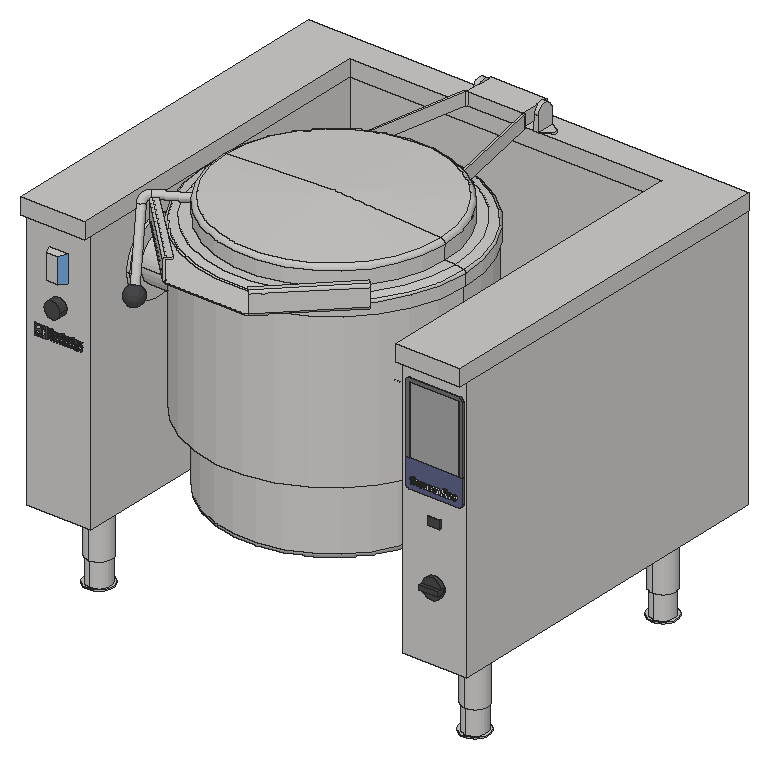
Revit family "QF_ELECTROLUXPROFESSIONAL_587176_PBOT06SCJO", category Attrezzature speciali, Revit 2020 (continued)
Definition of nested family "QF_ELECTROLUXPROFESSIONAL_PBOTS900_LEFT"
  Automatic sketch dimensions
    Extrusion 5 sketch curve to Extrusion 5 sketch curve = 0.102 mm
    Extrusion 5 sketch curve to Extrusion 5 sketch curve = 0.002 mm  (x4)
    Extrusion 5 sketch curve to Extrusion 5 sketch curve = 0.105 mm
    Extrusion 5 sketch curve to Extrusion 5 sketch curve = 0.097 mm
    Extrusion 5 sketch curve to plane 3 "Center (Left/Right)" = 0.241 mm
    Extrusion 5 sketch curve to plane 3 "Center (Left/Right)" = 0.412 mm
    Extrusion 5 sketch curve to plane 3 "Center (Left/Right)" = 2.074 mm
    Extrusion 5 sketch curve to Extrusion 5 sketch curve = 1.777 mm
    Extrusion 5 sketch curve to plane 3 "Center (Left/Right)" = 2.704 mm
    Extrusion 5 sketch curve to Extrusion 5 sketch curve = 1.001 mm
    Extrusion 5 sketch curve to Extrusion 5 sketch curve = 1.393 mm  (x2)
    Extrusion 5 sketch curve to Extrusion 5 sketch curve = 2.363 mm
    Extrusion 5 sketch curve to Extrusion 5 sketch curve = 2.253 mm
    Extrusion 5 sketch curve to Extrusion 5 sketch curve = 0.014 mm  (x4)
    Extrusion 5 sketch curve to Extrusion 5 sketch curve = 0.172 mm
    Extrusion 5 sketch curve to Extrusion 5 sketch curve = 0.096 mm
    Extrusion 5 sketch curve to Extrusion 5 sketch curve = 0.164 mm
    Extrusion 5 sketch curve to Extrusion 5 sketch curve = 0.298 mm
    Extrusion 5 sketch curve to Extrusion 5 sketch curve = 0.247 mm
    Extrusion 5 sketch curve to Extrusion 5 sketch curve = 0.084 mm
    Extrusion 5 sketch curve to Extrusion 5 sketch curve = 6.484 mm
    Extrusion 5 sketch curve to Extrusion 5 sketch curve = 2.596 mm
    Extrusion 5 sketch curve to Extrusion 5 sketch curve = 0.059 mm  (x2)
    Extrusion 5 sketch curve to Extrusion 5 sketch curve = 3.889 mm
    Extrusion 5 sketch curve to Extrusion 5 sketch curve = 6.029 mm
    Extrusion 5 sketch curve to Extrusion 5 sketch curve = 0.929 mm
    Extrusion 5 sketch curve to Extrusion 5 sketch curve = 1.102 mm
    Extrusion 5 sketch curve to Extrusion 5 sketch curve = 0.756 mm  (x2)
    Extrusion 5 sketch curve to Extrusion 5 sketch curve = 0.852 mm
    Extrusion 5 sketch curve to Extrusion 5 sketch curve = 0.108 mm
    Extrusion 5 sketch curve to Extrusion 5 sketch curve = 0.101 mm
    Extrusion 5 sketch curve to Extrusion 5 sketch curve = 0.072 mm
    Extrusion 5 sketch curve to Extrusion 5 sketch curve = 1.67 mm
    Extrusion 5 sketch curve to Extrusion 5 sketch curve = 1.834 mm
    Extrusion 5 sketch curve to Extrusion 5 sketch curve = 0.366 mm
    Extrusion 5 sketch curve to Extrusion 5 sketch curve = 0.993 mm
    Extrusion 5 sketch curve to Extrusion 5 sketch curve = 0.81 mm
    Extrusion 5 sketch curve to Extrusion 5 sketch curve = 1.026 mm  (x2)
    Extrusion 5 sketch curve to Extrusion 5 sketch curve = 4.272 mm
    Extrusion 5 sketch curve to Extrusion 5 sketch curve = 0.163 mm
    Extrusion 5 sketch curve to Extrusion 5 sketch curve = 0.551 mm
    plane 14 to Extrusion 5 sketch curve = 6.023 mm
    Extrusion 5 sketch curve to Extrusion 5 sketch curve = 1.451 mm
    plane 14 to Extrusion 5 sketch curve = 5.28 mm
    Extrusion 5 sketch curve to Extrusion 5 sketch curve = 0.045 mm  (x2)
    Extrusion 5 sketch curve to Extrusion 5 sketch curve = 0.241 mm
    Extrusion 5 sketch curve to Extrusion 5 sketch curve = 0.039 mm
    Extrusion 5 sketch curve to Extrusion 5 sketch curve = 1.134 mm
    Extrusion 5 sketch curve to Extrusion 5 sketch curve = 2.351 mm
    Extrusion 5 sketch curve to plane 14 = 0.874 mm
    Extrusion 5 sketch curve to Extrusion 5 sketch curve = 10.128 mm
    Extrusion 5 sketch curve to Extrusion 5 sketch curve = 0.956 mm
    Extrusion 5 sketch curve to Extrusion 5 sketch curve = 1.263 mm
    Extrusion 5 sketch curve to Extrusion 5 sketch curve = 2.577 mm
    Extrusion 5 sketch curve to Extrusion 5 sketch curve = 0.243 mm
    Extrusion 5 sketch curve to Extrusion 5 sketch curve = 0.031 mm
    Extrusion 5 sketch curve to Extrusion 5 sketch curve = 7.148 mm
    Extrusion 5 sketch curve to Extrusion 5 sketch curve = 1.502 mm
    Extrusion 5 sketch curve to Extrusion 5 sketch curve = 11.54 mm
    Extrusion 5 sketch curve to Extrusion 5 sketch curve = 11.758 mm
    Extrusion 5 sketch curve to Extrusion 5 sketch curve = 4.097 mm
    Extrusion 5 sketch curve to Extrusion 5 sketch curve = 0.011 mm
    Extrusion 5 sketch curve to Extrusion 5 sketch curve = 4.488 mm
    plane 18 "CHW" to Extrusion 5 sketch curve = 191.223 mm
    Extrusion 5 sketch curve to Extrusion 5 sketch curve = 3.444 mm  (x2)
    Extrusion 5 sketch curve to Extrusion 5 sketch curve = 3.777 mm
    Extrusion 5 sketch curve to Extrusion 5 sketch curve = 1.093 mm
    Extrusion 5 sketch curve to Extrusion 5 sketch curve = 1.192 mm
    Extrusion 5 sketch curve to Extrusion 5 sketch curve = 0.319 mm
    Extrusion 5 sketch curve to Extrusion 5 sketch curve = 5.798 mm
    Extrusion 5 sketch curve to Extrusion 5 sketch curve = 2.021 mm
    Extrusion 5 sketch curve to Extrusion 5 sketch curve = 2.357 mm  (x3)
    Extrusion 5 sketch curve to Extrusion 5 sketch curve = 0.892 mm  (x3)
    Extrusion 5 sketch curve to Extrusion 5 sketch curve = 1.018 mm
    Extrusion 5 sketch curve to Extrusion 5 sketch curve = 3.382 mm  (x2)
    Extrusion 5 sketch curve to Extrusion 5 sketch curve = 2.117 mm
    Extrusion 5 sketch curve to Extrusion 5 sketch curve = 0.195 mm  (x2)
    Extrusion 5 sketch curve to Extrusion 5 sketch curve = 0.295 mm  (x2)
    Extrusion 5 sketch curve to Extrusion 5 sketch curve = 0.618 mm
    Extrusion 5 sketch curve to Extrusion 5 sketch curve = 0.385 mm  (x2)
    Extrusion 5 sketch curve to Extrusion 5 sketch curve = 1.626 mm  (x2)
    Extrusion 5 sketch curve to Extrusion 5 sketch curve = 1.65 mm
    Extrusion 5 sketch curve to Extrusion 5 sketch curve = 1.662 mm
    Extrusion 5 sketch curve to Extrusion 5 sketch curve = 0.013 mm  (x2)
    Extrusion 5 sketch curve to Extrusion 5 sketch curve = 0.292 mm
    Extrusion 5 sketch curve to Extrusion 5 sketch curve = 0.107 mm  (x2)
    Extrusion 5 sketch curve to Extrusion 5 sketch curve = 0.068 mm  (x2)
    Extrusion 5 sketch curve to Extrusion 5 sketch curve = 0.968 mm
    Extrusion 5 sketch curve to Extrusion 5 sketch curve = 0.365 mm
    Extrusion 5 sketch curve to Extrusion 5 sketch curve = 2.361 mm
    Extrusion 5 sketch curve to Extrusion 5 sketch curve = 2.359 mm
    Extrusion 5 sketch curve to Extrusion 5 sketch curve = 0.531 mm  (x2)
    Extrusion 5 sketch curve to Extrusion 5 sketch curve = 0.928 mm  (x2)
    Extrusion 5 sketch curve to Extrusion 5 sketch curve = 1.058 mm
    Extrusion 5 sketch curve to Extrusion 5 sketch curve = 0.297 mm  (x2)
    Extrusion 5 sketch curve to Extrusion 5 sketch curve = 0.155 mm  (x2)
    Extrusion 5 sketch curve to Extrusion 5 sketch curve = 1.305 mm
    Extrusion 5 sketch curve to Extrusion 5 sketch curve = 1.037 mm
    Extrusion 5 sketch curve to Extrusion 5 sketch curve = 0.182 mm  (x2)
    Extrusion 5 sketch curve to Extrusion 5 sketch curve = 0.607 mm  (x2)
    Extrusion 5 sketch curve to Extrusion 5 sketch curve = 0.304 mm  (x2)
    Extrusion 5 sketch curve to Extrusion 5 sketch curve = 0.372 mm  (x2)
    Extrusion 5 sketch curve to Extrusion 5 sketch curve = 0.016 mm  (x2)
    Extrusion 5 sketch curve to Extrusion 5 sketch curve = 0.996 mm
    Extrusion 5 sketch curve to Extrusion 5 sketch curve = 0.93 mm
    Extrusion 5 sketch curve to Extrusion 5 sketch curve = 0.709 mm  (x2)
    Extrusion 5 sketch curve to Extrusion 5 sketch curve = 1.752 mm
    Extrusion 5 sketch curve to Extrusion 5 sketch curve = 1.017 mm
    Extrusion 5 sketch curve to Extrusion 5 sketch curve = 4.718 mm
    Extrusion 5 sketch curve to Extrusion 5 sketch curve = 0.891 mm
    Extrusion 5 sketch curve to Extrusion 5 sketch curve = 3.826 mm
    Extrusion 5 sketch curve to Extrusion 5 sketch curve = 1.696 mm
    Extrusion 5 sketch curve to Extrusion 5 sketch curve = 0.954 mm
    Extrusion 5 sketch curve to Extrusion 5 sketch curve = 5.576 mm
    Extrusion 5 sketch curve to Extrusion 5 sketch curve = 5.657 mm  (x2)
    Extrusion 5 sketch curve to Extrusion 5 sketch curve = 5.661 mm  (x2)
    Extrusion 5 sketch curve to Extrusion 5 sketch curve = 0.006 mm
    Extrusion 5 sketch curve to Extrusion 5 sketch curve = 1.499 mm
    Extrusion 5 sketch curve to Extrusion 5 sketch curve = 7.186 mm
    Extrusion 5 sketch curve to Extrusion 5 sketch curve = 2.203 mm
    Extrusion 5 sketch curve to Extrusion 5 sketch curve = 2.21 mm
    Extrusion 5 sketch curve to Extrusion 5 sketch curve = 1.607 mm
    Extrusion 5 sketch curve to Extrusion 5 sketch curve = 3.479 mm
    Extrusion 5 sketch curve to Extrusion 5 sketch curve = 3.92 mm
    Extrusion 5 sketch curve to Extrusion 5 sketch curve = 0.05 mm
    Extrusion 5 sketch curve to Extrusion 5 sketch curve = 1.776 mm
    Extrusion 5 sketch curve to Extrusion 5 sketch curve = 4.017 mm
    Extrusion 5 sketch curve to Extrusion 5 sketch curve = 0.196 mm  (x2)
    Extrusion 5 sketch curve to Extrusion 5 sketch curve = 0.19 mm
    Extrusion 5 sketch curve to Extrusion 5 sketch curve = 1.312 mm
    Extrusion 5 sketch curve to Extrusion 5 sketch curve = 0.146 mm
    Extrusion 5 sketch curve to Extrusion 5 sketch curve = 2.831 mm
    Extrusion 5 sketch curve to Extrusion 5 sketch curve = 0.387 mm
    Extrusion 5 sketch curve to Extrusion 5 sketch curve = 0.174 mm
    Extrusion 5 sketch curve to Extrusion 5 sketch curve = 4.623 mm
    Extrusion 5 sketch curve to Extrusion 5 sketch curve = 1.754 mm
    Extrusion 5 sketch curve to Extrusion 5 sketch curve = 0.188 mm
    Extrusion 5 sketch curve to Extrusion 5 sketch curve = 0.02 mm
    Extrusion 5 sketch curve to Extrusion 5 sketch curve = 0.313 mm
    Extrusion 5 sketch curve to Extrusion 5 sketch curve = 0.12 mm
    Extrusion 5 sketch curve to Extrusion 5 sketch curve = 0.062 mm
    Extrusion 5 sketch curve to Extrusion 5 sketch curve = 0.568 mm
    Extrusion 5 sketch curve to Extrusion 5 sketch curve = 1.763 mm
    Extrusion 5 sketch curve to Extrusion 5 sketch curve = 0.095 mm
    Extrusion 5 sketch curve to Extrusion 5 sketch curve = 1.817 mm
    Extrusion 5 sketch curve to Extrusion 5 sketch curve = 0.357 mm
    Extrusion 5 sketch curve to Extrusion 5 sketch curve = 0.008 mm
    Extrusion 5 sketch curve to Extrusion 5 sketch curve = 0.36 mm
    Extrusion 5 sketch curve to Extrusion 5 sketch curve = 3.784 mm
    Extrusion 5 sketch curve to Extrusion 5 sketch curve = 1.654 mm
    Extrusion 5 sketch curve to Extrusion 5 sketch curve = 1.454 mm
    Extrusion 5 sketch curve to Extrusion 5 sketch curve = 1.705 mm
    Extrusion 5 sketch curve to Extrusion 5 sketch curve = 1.893 mm
    Extrusion 5 sketch curve to Extrusion 5 sketch curve = 3.429 mm
    Extrusion 5 sketch curve to Extrusion 5 sketch curve = 1.094 mm
    Extrusion 5 sketch curve to Extrusion 5 sketch curve = 2.218 mm
    Extrusion 5 sketch curve to Extrusion 5 sketch curve = 1.404 mm
    Extrusion 5 sketch curve to Extrusion 5 sketch curve = 5.763 mm
    Extrusion 5 sketch curve to Extrusion 5 sketch curve = 2.932 mm  (x2)
    Extrusion 5 sketch curve to Extrusion 5 sketch curve = 5.959 mm
    Extrusion 5 sketch curve to Extrusion 5 sketch curve = 1.424 mm
    Extrusion 5 sketch curve to Extrusion 5 sketch curve = 3.23 mm
    Extrusion 5 sketch curve to Extrusion 5 sketch curve = 1.975 mm
    Extrusion 5 sketch curve to Extrusion 5 sketch curve = 3.779 mm
    Extrusion 5 sketch curve to Extrusion 5 sketch curve = 2.212 mm
    Extrusion 5 sketch curve to Extrusion 5 sketch curve = 3.78 mm
    Extrusion 5 sketch curve to Extrusion 5 sketch curve = 1.279 mm
    Extrusion 5 sketch curve to Extrusion 5 sketch curve = 1.343 mm  (x2)
    Extrusion 5 sketch curve to Extrusion 5 sketch curve = 1.353 mm  (x2)
    Extrusion 5 sketch curve to Extrusion 5 sketch curve = 0.027 mm  (x2)
    Extrusion 5 sketch curve to Extrusion 5 sketch curve = 0.395 mm  (x2)
    Extrusion 5 sketch curve to Extrusion 5 sketch curve = 0.329 mm  (x2)
    Extrusion 5 sketch curve to Extrusion 5 sketch curve = 0.425 mm  (x2)
    Extrusion 5 sketch curve to Extrusion 5 sketch curve = 0.051 mm  (x2)
    Extrusion 5 sketch curve to Extrusion 5 sketch curve = 0.495 mm  (x2)
    Extrusion 5 sketch curve to Extrusion 5 sketch curve = 0.267 mm  (x2)
    Extrusion 5 sketch curve to Extrusion 5 sketch curve = 1.4 mm
    Extrusion 5 sketch curve to Extrusion 5 sketch curve = 5.233 mm
    Extrusion 5 sketch curve to Extrusion 5 sketch curve = 2.062 mm
    Extrusion 6 sketch curve to plane 13 "HW_CW" = 0.0 mm  (x2)
    Extrusion 6 sketch curve to plane 15 = 0.0 mm
    Extrusion 6 sketch curve to plane 14 = 0.0 mm
    Extrusion 7 sketch curve to plane 3 "Center (Left/Right)" = 0.0 mm
    Extrusion 7 sketch curve to plane 16 "SteamO" = 0.0 mm
    Extrusion 8 sketch curve to plane 3 "Center (Left/Right)" = 0.0 mm
    Extrusion 8 sketch curve to plane 17 "STEAM" = 0.0 mm
    radius of Extrusion 2 sketch curve = 20.0 mm
    radius of Extrusion 3 sketch curve = 6.35 mm  (x2)
    radius of Extrusion 5 sketch curve = 2.453 mm
    radius of Extrusion 5 sketch curve = 1.557 mm
    radius of Extrusion 5 sketch curve = 1.468 mm
    radius of Extrusion 5 sketch curve = 2.451 mm
    radius of Extrusion 6 sketch curve = 5.0 mm  (x2)
    radius of Extrusion 7 sketch curve = 12.7 mm
    radius of Extrusion 8 sketch curve = 12.7 mm
Definition of nested family "QF_ELECTROLUXPROFESSIONAL_PBOTS900_RIGHT"
  Parameters
    Width = 160.0 mm
    Steam_z = 140.0 mm
    Steam_y = 239.0 mm
    Right = Width / 2  # 80.0 mm
    Default Elevation = 0.0 mm
    Left = -Width / 2  # -80.0 mm
    Htop = 40.0 mm
    Height = 900.0 mm
    HBase = 200.0 mm
    EI_z = 250.0 mm
    EI_y = 312.0 mm
    Depth = 900.0 mm
    BorderFront = 20.0 mm
    Body Finish [instance] = none
  Reference planes
    plane 1 "Center (Front/Back)": y = 0
    plane 2: z = 0
    plane 3 "Center (Left/Right)": x = 0
    plane 4 "LEFT": x = -80
    plane 5 "RIGHT": x = 80
    plane 6 "BACK": y = 450
    plane 7 "FRONT": y = -450
    plane 8 "Base": z = 200
    plane 9 "TOP": z = 900
    plane 10 "BorderFront": y = -430
    plane 11: z = 860
    plane 12 "EI": z = 450
    plane 13: y = 138
    plane 14 "STEAM_y": y = 211
    plane 15 "Steam_z": z = 340
  Forms (mm)
    Extrusion 1, solid
      sketch origin (0, 0, 0) x (1, 0, 0) y (0, 1, 0)
        loop
          line (-80, 450) -> (-80, -430) -> (80, -430) -> (80, 450) -> (-80, 450)
      from 860 to 200
    Extrusion 2, solid
      sketch origin (0, -430, 0) x (-1, 0, 0) y (0, 0, 1)
        loop
          line (59.714, 823.989) -> (-61.821, 823.989)
          arc (-61.821, 823.989) -> (-68.892, 821.06) -> (-71.821, 813.989) r 10
          line (-71.821, 813.989) -> (-71.821, 644.744) -> (-61.821, 644.744) -> (-61.821, 813.989) -> (59.714, 813.989) -> (59.714, 644.744) -> (69.714, 644.744) -> (69.714, 813.989)
          arc (69.714, 813.989) -> (66.786, 821.06) -> (59.714, 823.989) r 10
      from 0 to -3
    Extrusion 3, solid
      sketch origin (0, -430, 0) x (-1, 0, 0) y (0, 0, 1)
        loop
          circle (0, 375.28) r 25
      from 0 to -10
    Extrusion 4, solid
      sketch origin (0, -430, 0) x (-1, 0, 0) y (0, 0, 1)
        loop
          line (24.382, 380.806) -> (-24.382, 380.806)
          arc (-24.382, 380.806) -> (-25, 375.28) -> (-24.382, 369.753) r 25
          line (-24.382, 369.753) -> (24.382, 369.753)
          arc (24.382, 369.753) -> (25, 375.28) -> (24.382, 380.806) r 25
      from 0 to -20
    Extrusion 5, solid
      sketch origin (0, -430, 0) x (-1, 0, 0) y (0, 0, 1)
        loop
          line (69.714, 585) -> (69.714, 644.744) -> (-71.821, 644.744) -> (-71.821, 585)
          arc (-71.821, 585) -> (-68.892, 577.929) -> (-61.821, 575) r 10
          line (-61.821, 575) -> (59.714, 575)
          arc (59.714, 575) -> (66.786, 577.929) -> (69.714, 585) r 10
      from -3 to 0
    Extrusion 6, solid
      sketch origin (234.714, -430, 0) x (-1, 0, 0) y (0, 0, 1)
        loop
          line (294.429, 813.989) -> (172.894, 813.989) -> (172.894, 644.744) -> (294.429, 644.744) -> (294.429, 813.989)
      from 0 to -3
    Extrusion 7, solid
      sketch origin (0, -430, 0) x (-1, 0, 0) y (0, 0, 1)
        loop
          line (15, 530) -> (-15, 530) -> (-15, 510) -> (15, 510) -> (15, 530)
      from -1.6 to 0
    Extrusion 8, solid
      sketch origin (0, 450, 0) x (-1, 0, 0) y (0, 0, 1)
        loop
          circle (0, 450) r 5
      from 0 to 2
    Extrusion 9, solid
      sketch origin (0, 0, 200) x (0, 1, 0) y (-1, 0, 0)
        loop
          circle (138, 0) r 10
      from 0 to -3
    Extrusion 10, solid
      sketch origin (0, 0, 200) x (0, 1, 0) y (-1, 0, 0)
        loop
          circle (211, 0) r 12.7
      from 0 to -3
    Extrusion 11, solid
      sketch origin (0, 450, 0) x (-1, 0, 0) y (0, 0, 1)
        loop
          circle (0, 340) r 12.7
      from 0 to 3
  Lines and regions (mm)
    symbolic lines
      curve 1: line (-80, 450, 0) -> (80, 450, 0)
      curve 2: line (80, 450, 0) -> (80, -430, 0)
  Dimensions and locks
    "Width": plane 4 "LEFT" to plane 5 "RIGHT"
    equal spacing: plane 4 "LEFT", plane 3 "Center (Left/Right)", plane 5 "RIGHT"
    equal spacing: plane 6 "BACK", plane 1 "Center (Front/Back)", plane 7 "FRONT"
    "Depth": plane 6 "BACK" to plane 7 "FRONT"
    "BorderFront": plane 10 "BorderFront" to plane 7 "FRONT"
    "Htop": plane 9 "TOP" to plane 11
    "Height": plane 9 "TOP" to level
    "HBase": plane 8 "Base" to level
    Extrusion 4 sketch curve to Extrusion 4 sketch curve = 11.053 mm
    "EI_y": plane 6 "BACK" to plane 13
    "EI_z": plane 12 "EI" to plane 8 "Base"
    "Steam_y": plane 6 "BACK" to plane 14 "STEAM_y"
    plane 15 "Steam_z" to plane 8 "Base" = 140.0 mm
    aligned and locked: level to plane 2
    aligned and locked: plane 10 "BorderFront" to Extrusion 1 sketch curve
    aligned and locked: plane 11 to Extrusion 1
    aligned and locked: Extrusion 1 to plane 8 "Base"
    aligned and locked: plane 4 "LEFT" to Extrusion 1 sketch curve
    aligned and locked: Extrusion 1 sketch curve to plane 5 "RIGHT"
    aligned and locked: Extrusion 1 sketch curve to plane 6 "BACK"
  Automatic sketch dimensions
    Extrusion 3 sketch curve to plane 3 "Center (Left/Right)" = 0.0 mm
    plane 8 "Base" to Extrusion 3 sketch curve = 175.28 mm
    Extrusion 4 sketch curve to Extrusion 4 sketch curve = 0.0 mm  (x3)
    Extrusion 4 sketch curve to plane 3 "Center (Left/Right)" = 0.0 mm
    plane 3 "Center (Left/Right)" to Extrusion 4 sketch curve = 24.382 mm
    Extrusion 4 sketch curve to plane 3 "Center (Left/Right)" = 24.382 mm
    plane 8 "Base" to Extrusion 4 sketch curve = 169.753 mm
    Extrusion 2 sketch curve to plane 5 "RIGHT" = 8.179 mm
    Extrusion 2 sketch curve to Extrusion 2 sketch curve = 10.0 mm  (x2)
    Extrusion 2 sketch curve to Extrusion 2 sketch curve = 0.0 mm  (x4)
    plane 4 "LEFT" to Extrusion 2 sketch curve = 20.286 mm
    Extrusion 2 sketch curve to plane 11 = 215.256 mm
    Extrusion 2 sketch curve to plane 11 = 46.011 mm
    Extrusion 5 sketch curve to plane 5 "RIGHT" = 8.179 mm
    plane 4 "LEFT" to Extrusion 5 sketch curve = 20.286 mm
    plane 4 "LEFT" to Extrusion 5 sketch curve = 10.286 mm
    Extrusion 5 sketch curve to plane 11 = 285.0 mm
    Extrusion 5 sketch curve to Extrusion 5 sketch curve = 59.744 mm
    Extrusion 5 sketch curve to Extrusion 5 sketch curve = 10.0 mm
    plane 4 "LEFT" to Extrusion 6 sketch curve = 20.286 mm
    Extrusion 6 sketch curve to plane 11 = 46.011 mm
    Extrusion 6 sketch curve to plane 5 "RIGHT" = 18.179 mm
    Extrusion 6 sketch curve to Extrusion 6 sketch curve = 169.244 mm
    Extrusion 8 sketch curve to plane 3 "Center (Left/Right)" = 0.0 mm
    Extrusion 8 sketch curve to plane 12 "EI" = 0.0 mm
    curve 1 to plane 4 "LEFT" = 0.0 mm
    curve 1 to plane 5 "RIGHT" = 0.0 mm
    curve 2 to plane 10 "BorderFront" = 0.0 mm
    curve 1 to plane 6 "BACK" = 0.0 mm
    plane 3 "Center (Left/Right)" to Extrusion 7 sketch curve = 15.0 mm
    Extrusion 7 sketch curve to plane 3 "Center (Left/Right)" = 15.0 mm
    plane 12 "EI" to Extrusion 7 sketch curve = 60.0 mm
    Extrusion 7 sketch curve to Extrusion 7 sketch curve = 20.0 mm
    Extrusion 9 sketch curve to plane 3 "Center (Left/Right)" = 0.0 mm
    Extrusion 9 sketch curve to plane 13 = 0.0 mm
    Extrusion 10 sketch curve to plane 3 "Center (Left/Right)" = 0.0 mm
    Extrusion 10 sketch curve to plane 14 "STEAM_y" = 0.0 mm
    Extrusion 11 sketch curve to plane 3 "Center (Left/Right)" = 0.0 mm
    Extrusion 11 sketch curve to plane 15 "Steam_z" = 0.0 mm
    radius of Extrusion 3 sketch curve = 25.0 mm
    radius of Extrusion 8 sketch curve = 5.0 mm
    radius of Extrusion 9 sketch curve = 10.0 mm
    radius of Extrusion 10 sketch curve = 12.7 mm
    radius of Extrusion 11 sketch curve = 12.7 mm
  Nested families
    nested 1: "ELX_ThermaLine" at (-0.906, -433, 593.675) x (1, 0, 0) z (0, -1, 0), type "ELX_ThermaLine"
      with Show Logo yes, Material_Logo none
  Definition of nested family "ELX_ThermaLine"
    Parameters
      Show Logo [instance] = yes
      Material_Logo [instance] = none
      Default Elevation = 0.0 mm
    Reference planes
      plane 1 "Centro (Fronte/Retro)": y = 0
      plane 2: z = 0
      plane 3 "Centro (Sinistra/Destra)": x = 0
    Forms (mm)
      Extrusion 1, solid
        sketch origin (0, 0, 0) x (1, 0, 0) y (0, 1, 0)
          loop
            line (-1219.2, 1219.2) -> (-1219.2, -1219.2) -> (1219.2, -1219.2) -> (1219.2, 1219.2) -> (-1219.2, 1219.2)
        from 0 to -304.8
      Extrusion 2, solid
        sketch origin (0, 0, 0) x (1, 0, 0) y (0, 1, 0)
          loop
            line (-52.84, 4.345) -> (-50.793, 4.345) -> (-50.793, 6.716) -> (-52.84, 6.716) -> (-52.84, 10.788) -> (-55.901, 9.058) -> (-55.901, 6.716) -> (-57.324, 6.716) -> (-57.324, 4.345) -> (-55.901, 4.345) -> (-55.901, -1.637)
            arc (-55.901, -1.637) -> (-54.76, -4.355) -> (-51.88, -4.985) r 3.198
            line (-51.88, -4.985) -> (-50.444, -4.597) -> (-50.782, -2.189) -> (-51.765, -2.453)
            arc (-51.765, -2.453) -> (-52.506, -2.305) -> (-52.84, -1.628) r 0.854
            line (-52.84, -1.628) -> (-52.84, 4.345)
          loop
            line (-48.642, 11.198) -> (-48.642, -4.787) -> (-45.561, -4.787) -> (-45.561, 2.659)
            arc (-45.561, 2.659) -> (-44.379, 4.372) -> (-42.304, 4.523) r 2.408
            arc (-42.304, 4.523) -> (-41.484, 3.75) -> (-41.182, 2.665) r 2.099
            line (-41.182, 2.665) -> (-41.182, -4.787) -> (-38.117, -4.787) -> (-38.088, 2.166)
            arc (-38.088, 2.166) -> (-38.343, 3.963) -> (-39.021, 5.646) r 7.517
            arc (-39.021, 5.646) -> (-42.369, 6.971) -> (-45.561, 5.303) r 4.327
            line (-45.561, 5.303) -> (-45.561, 11.198) -> (-48.642, 11.198)
          loop
            arc (-28.196, 1.988) -> (-28.834, 3.893) -> (-30.683, 4.679) r 2.449
            arc (-30.683, 4.679) -> (-32.149, 3.674) -> (-32.711, 1.988) r 2.793
            line (-32.711, 1.988) -> (-28.196, 1.988)
          loop
            arc (-25.128, 0.121) -> (-26.074, 4.342) -> (-29.545, 6.923) r 6.212
            arc (-29.545, 6.923) -> (-33.021, 6.358) -> (-35.352, 3.718) r 5.232
            arc (-35.352, 3.718) -> (-35.918, 1.148) -> (-35.633, -1.468) r 8.117
            arc (-35.633, -1.468) -> (-34.524, -3.319) -> (-32.789, -4.603) r 5.523
            arc (-32.789, -4.603) -> (-28.402, -4.744) -> (-25.297, -1.641) r 5.523
            line (-25.297, -1.641) -> (-28.327, -1.106)
            arc (-28.327, -1.106) -> (-29.324, -2.396) -> (-30.951, -2.501) r 1.982
            arc (-30.951, -2.501) -> (-32.276, -1.475) -> (-32.789, 0.121) r 2.835
            line (-32.789, 0.121) -> (-25.128, 0.121)
          loop
            line (-22.733, -4.787) -> (-19.705, -4.787) -> (-19.705, 0)
            arc (-19.705, 0) -> (-19.663, 1.267) -> (-19.469, 2.521) r 10.557
            arc (-19.469, 2.521) -> (-18.189, 4.014) -> (-16.237, 3.761) r 2.069
            line (-16.237, 3.761) -> (-15.318, 6.433)
            arc (-15.318, 6.433) -> (-17.915, 6.783) -> (-19.931, 5.11) r 3.262
            line (-19.931, 5.11) -> (-19.931, 6.752) -> (-22.733, 6.752) -> (-22.733, -4.787)
          loop
            line (-14.233, 6.752) -> (-14.233, -4.787) -> (-11.135, -4.787) -> (-11.135, 1.783)
            arc (-11.135, 1.783) -> (-10.552, 3.635) -> (-8.862, 4.59) r 2.646
            arc (-8.862, 4.59) -> (-7.677, 3.931) -> (-7.234, 2.65) r 1.899
            line (-7.234, 2.65) -> (-7.234, -4.787) -> (-4.155, -4.787) -> (-4.155, 1.467)
            arc (-4.155, 1.467) -> (-3.845, 2.923) -> (-2.97, 4.128) r 3.581
            arc (-2.97, 4.128) -> (-1.581, 4.474) -> (-0.516, 3.516) r 1.525
            arc (-0.516, 3.516) -> (-0.324, 2.735) -> (-0.304, 1.931) r 3.735
            line (-0.304, 1.931) -> (-0.304, -4.787) -> (2.776, -4.787) -> (2.776, 3.096)
            arc (2.776, 3.096) -> (1.833, 5.68) -> (-0.612, 6.942) r 3.784
            arc (-0.612, 6.942) -> (-2.795, 6.596) -> (-4.513, 5.205) r 4.271
            arc (-4.513, 5.205) -> (-5.893, 6.457) -> (-7.686, 6.964) r 4.079
            arc (-7.686, 6.964) -> (-9.75, 6.555) -> (-11.39, 5.237) r 4.412
            line (-11.39, 5.237) -> (-11.39, 6.752) -> (-14.233, 6.752)
          loop
            line (5.334, 3.712) -> (8.069, 3.23)
            arc (8.069, 3.23) -> (10.312, 4.685) -> (12.137, 2.73) r 2.082
            line (12.137, 2.73) -> (8.171, 1.741)
            arc (8.171, 1.741) -> (6.593, 1.022) -> (5.378, -0.215) r 4.758
            arc (5.378, -0.215) -> (5.225, -1.991) -> (5.744, -3.697) r 4.711
            arc (5.744, -3.697) -> (7.301, -4.682) -> (9.118, -4.992) r 4.691
            arc (9.118, -4.992) -> (10.903, -4.593) -> (12.411, -3.558) r 4.818
            line (12.411, -3.558) -> (12.81, -4.787) -> (15.873, -4.787) -> (15.179, -2.652) -> (15.179, 3.25)
            arc (15.179, 3.25) -> (14.773, 5.146) -> (13.38, 6.496) r 3.336
            arc (13.38, 6.496) -> (10.765, 7.201) -> (8.091, 6.773) r 6.459
            arc (8.091, 6.773) -> (6.348, 5.57) -> (5.334, 3.712) r 4.569
          loop
            line (21.001, -4.787) -> (24.24, -4.787) -> (27.623, 11.127) -> (24.384, 11.127) -> (21.001, -4.787)
          loop
            line (27.273, -4.787) -> (30.332, -4.787) -> (32.777, 6.716) -> (29.718, 6.716) -> (27.273, -4.787)
          loop
            line (30.656, 11.127) -> (30.058, 8.314) -> (33.117, 8.314) -> (33.715, 11.127) -> (30.656, 11.127)
          loop
            line (33.431, -4.787) -> (36.649, -4.787) -> (38.261, 2.796)
            arc (38.261, 2.796) -> (39.644, 4.445) -> (41.791, 4.594) r 2.751
            arc (41.791, 4.594) -> (42.425, 3.729) -> (42.502, 2.659) r 1.936
            line (42.502, 2.659) -> (40.919, -4.787) -> (43.989, -4.787) -> (45.795, 3.712)
            arc (45.795, 3.712) -> (45.588, 5.458) -> (44.361, 6.716) r 2.734
            arc (44.361, 6.716) -> (41.222, 6.857) -> (38.516, 5.259) r 5.512
            line (38.516, 5.259) -> (38.826, 6.716) -> (35.876, 6.716) -> (33.431, -4.787)
          loop
            line (50.773, 1.934) -> (55.672, 1.934)
            arc (55.672, 1.934) -> (55.737, 2.919) -> (55.334, 3.821) r 2.051
            arc (55.334, 3.821) -> (53.773, 4.722) -> (52.024, 4.287) r 2.407
            arc (52.024, 4.287) -> (51.223, 3.203) -> (50.773, 1.934) r 4.566
          loop
            line (50.479, 0) -> (58.259, 0)
            arc (58.259, 0) -> (58.241, 3.53) -> (56.181, 6.396) r 5.8
            arc (56.181, 6.396) -> (52.577, 6.992) -> (49.395, 5.199) r 5.498
            arc (49.395, 5.199) -> (47.819, 2.372) -> (47.536, -0.853) r 7.747
            arc (47.536, -0.853) -> (48.406, -3.006) -> (50.236, -4.437) r 4.494
            arc (50.236, -4.437) -> (52.672, -4.934) -> (55.109, -4.437) r 6.224
            arc (55.109, -4.437) -> (56.76, -3.346) -> (57.916, -1.739) r 5.478
            line (57.916, -1.739) -> (55.129, -1.247)
            arc (55.129, -1.247) -> (53.897, -2.495) -> (52.149, -2.637) r 2.52
            arc (52.149, -2.637) -> (50.809, -1.638) -> (50.479, 0) r 2.336
          loop
            line (12.154, 0.755) -> (8.732, -0.098)
            arc (8.732, -0.098) -> (8.126, -1.288) -> (8.732, -2.478) r 1.471
            arc (8.732, -2.478) -> (10.437, -2.725) -> (11.827, -1.706) r 2.276
            arc (11.827, -1.706) -> (12.142, -0.496) -> (12.154, 0.755) r 5.123
        from 0 to 1.6
    Dimensions and locks
      aligned and locked: plane 2 to Extrusion 1
      aligned and locked: level to Extrusion 1
Definition of nested family "QF_ELECTROLUXPROFESSIONAL_2FEET_THL_120xH200"
  Parameters
    Width = 120.0 mm
    Right = Width / 2  # 60.0 mm
    Default Elevation = 0.0 mm
    Left = -Width / 2  # -60.0 mm
    Height = 200.0 mm
    HBase = Height - 15.0 mm  # 185.0 mm
    Depth = 880.0 mm
  Reference planes
    plane 1 "Center (Front/Back)": y = 0
    plane 2: z = 0
    plane 3 "Center (Left/Right)": x = 0
    plane 4 "LEFT": x = -60
    plane 5 "RIGHT": x = 60
    plane 6 "BACK": y = 440
    plane 7 "FRONT": y = -440
    plane 8 "Base": z = 185
    plane 9 "TOP": z = 200
    plane 10: y = 283
    plane 11: y = -304
    plane 12: y = 368
    plane 13: y = -388
    plane 14: x = -80
  Forms (mm)
    Extrusion 1, solid
      sketch origin (0, 0, 200) x (0, 1, 0) y (-1, 0, 0)
        loop
          line (368, 60) -> (-388, 60) -> (-388, -60) -> (368, -60) -> (368, 60)
      from 0 to -15
    Revolve 2, solid
      sketch origin (0, 0, 0) x (0, 1, 0) y (0, 0, 1)
        loop
          line (283, 0) -> (318, 0) -> (318, 2) -> (311.179, 2) -> (311.179, 63) -> (314.75, 63) -> (314.75, 185) -> (283, 185) -> (283, 0)
        axis (283, 185) -> (283, 0)
      angle from 0 to 360
    Revolve 3, solid
      sketch origin (0, 0, 0) x (0, 1, 0) y (0, 0, 1)
        loop
          line (-304, 185) -> (-304, 0) -> (-269, 0) -> (-269, 2) -> (-275.821, 2) -> (-275.821, 63) -> (-272.25, 63) -> (-272.25, 185) -> (-304, 185)
        axis (-304, 185) -> (-304, 0)
      angle from 0 to 360
  Dimensions and locks
    "Width": plane 4 "LEFT" to plane 5 "RIGHT"
    equal spacing: plane 4 "LEFT", plane 3 "Center (Left/Right)", plane 5 "RIGHT"
    equal spacing: plane 6 "BACK", plane 1 "Center (Front/Back)", plane 7 "FRONT"
    "Depth": plane 6 "BACK" to plane 7 "FRONT"
    "HBase": plane 8 "Base" to level
    "Height": plane 9 "TOP" to level
    locked: plane 6 "BACK" to plane 10 at 157
    locked: plane 10 to plane 11 at 587
    plane 6 "BACK" to plane 12 = 72.0 mm
    plane 13 to plane 7 "FRONT" = 52.0 mm
    plane 12 to plane 13 = 756.0 mm
    plane 14 to plane 3 "Center (Left/Right)" = 80.0 mm
    aligned and locked: level to plane 2
    aligned and locked: Extrusion 1 sketch curve to plane 5 "RIGHT"
    aligned and locked: plane 4 "LEFT" to Extrusion 1 sketch curve
    aligned and locked: Extrusion 1 to plane 8 "Base"
    aligned and locked: Extrusion 1 sketch curve to plane 12
    aligned and locked: plane 13 to Extrusion 1 sketch curve
  Automatic sketch dimensions
    Revolve 2 sketch curve to level = 0.0 mm
    Revolve 2 sketch curve to plane 10 = 0.0 mm  (x2)
    Revolve 2 sketch curve to plane 8 "Base" = 0.0 mm
    plane 10 to Revolve 2 sketch curve = 28.179 mm
    Revolve 2 sketch curve to Revolve 2 sketch curve = 31.75 mm
    Revolve 2 sketch curve to Revolve 2 sketch curve = 6.821 mm
    level to Revolve 2 sketch curve = 2.0 mm
    Revolve 2 sketch curve to Revolve 2 sketch curve = 61.0 mm
    Revolve 2 sketch curve to level = 50.0 mm
    plane 9 "TOP" to Revolve 2 sketch curve = 70.0 mm
    Revolve 3 sketch curve to plane 11 = 0.0 mm
    Revolve 3 sketch curve to level = 0.0 mm
    Revolve 3 sketch curve to plane 10 = 587.0 mm
    Revolve 3 sketch curve to plane 8 "Base" = 0.0 mm
    Revolve 3 sketch curve to plane 10 = 558.821 mm
    Revolve 3 sketch curve to Revolve 3 sketch curve = 3.571 mm
    Revolve 3 sketch curve to Revolve 3 sketch curve = 6.821 mm
    level to Revolve 3 sketch curve = 2.0 mm
    Revolve 3 sketch curve to Revolve 3 sketch curve = 61.0 mm
    Revolve 3 sketch curve to level = 180.0 mm
    plane 9 "TOP" to Revolve 3 sketch curve = 205.0 mm
Definition of nested family "QF_ELECTROLUXPROFESSIONAL_PBOT900_LEVEL1"
  Parameters
    Default Elevation = 0.0 mm
    Assembly Code = ""
  Reference planes
    plane 1 "Center (Front/Back)": y = 0
    plane 2: z = 0
    plane 3 "Center (Left/Right)": x = 0
  Forms (mm)
    Sweep 1, solid
      path origin (0, 0, 0) x (1, 0, 0) y (0, 0.5, 0.866025)
        loop
          line (0, 0) -> (-80, 0)
          arc (-80, 0) -> (-94.142, -5.858) -> (-100, -20) r 20
          line (-100, -20) -> (-100, -200)
      profile origin (-40, 0, 0) x (0, -0.5, -0.866025) y (0, -0.866025, 0.5)
        loop
          circle (0, 0) r 9
    Revolve 2, solid
      sketch origin (-20, 0, 0) x (1, 0, 0) y (0, 0.5, 0.866025)
        loop
          arc (-57.5, -200) -> (-80, -177.5) -> (-102.5, -200) r 22.5
          line (-102.5, -200) -> (-57.5, -200)
        axis (-102.5, -200) -> (-57.5, -200)
      angle from 0 to 360
  Lines and regions (mm)
    symbolic lines
      curve 1: line (0, -9, 0) -> (-80, -9, 0)
      curve 2: line (0, 9, 0) -> (-80, 9, 0)
      curve 3: line (-91, -80, 0) -> (-91, -15, 0)
      curve 4: line (-109, -80, 0) -> (-109, -10, 0)
      curve 5: arc (-109, -10, 0) -> (-97.335, 3.827, 0) -> (-80, 9, 0) r 31.632
      curve 6: arc (-91, -15, 0) -> (-86.265, -10.598, 0) -> (-80, -9, 0) r 13.083
      curve 7: spline (-77.953, -100, 0) -> (-78.704, -94.175, 0) -> (-80.907, -88.747, 0) -> (-84.41, -84.087, 0) -> (-88.977, -80.51, 0) -> (-94.294, -78.262, 0) -> (-100, -77.495, 0) -> (-105.706, -78.262, 0) -> (-111.023, -80.51, 0) -> (-115.59, -84.087, 0) -> (-119.093, -88.747, 0) -> (-121.296, -94.175, 0) -> (-122.047, -100, 0) -> (-121.296, -105.825, 0) -> (-119.093, -111.253, 0) -> (-115.59, -115.913, 0) -> (-111.023, -119.49, 0) -> (-105.706, -121.738, 0) -> (-100, -122.505, 0) -> (-94.294, -121.738, 0) -> (-88.977, -119.49, 0) -> (-84.41, -115.913, 0) -> (-80.907, -111.253, 0) -> (-78.704, -105.825, 0) -> (-77.953, -100, 0)
  Dimensions and locks
    aligned and locked: level to plane 2
